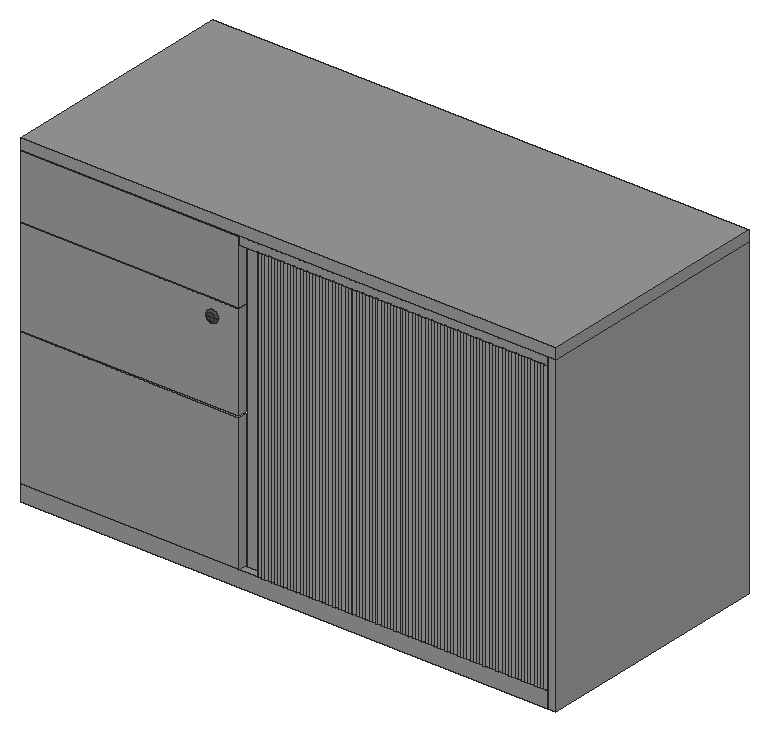
Revit family "Haworth_MSeries_Storage_Caddy_AP_PRELIMINARY", category Furniture Systems, Revit 2019
Family settings
  Round Connector Dimension = Use Diameter
  Part Type = Normal
  OmniClass Number = 23.40.70.14.64.21
  OmniClass Title = Systems Furniture
  Work Plane-Based = No
  Always vertical = Yes
  Cut with Voids When Loaded = No
  Shared = No
  Room Calculation Point = No
Parameters (values of type "P/B/F 654h tambour")
  Width = 1000 mm
  Warranty = "http://www.haworth.com/resources/product-info/warranties"
  URL - Product = "https://www.haworth.com/ap/en/products/office-drawers/m-series.html"
  Two Drawer = Actual Height > 1200 mm  # no
  Top Drawer Height = if(Box File, 118 mm, 0 mm)  # 118 mm
  Tambour with Pencil Box File = yes
  Tambour with Box File = no
  Tambour Width = Actual Width - 427 mm  # 573 mm
  Tambour Door Height = Actual Height - Bottom Case Offset - 20 mm - 15 mm - 45 mm  # 544 mm
  Tambour Door Finish [instance] = Haworth _ Laminate _ Undecided _ Storage
  Tambour Door = yes
  Pencil Box File = not(Box File)  # no
  Pencil = yes
  Open with Pencil Box File = no
  Open with Box File = no
  Open Shelf = not(Tambour Door)  # no
  One Drawer = not(Two Drawer)  # yes
  Trim Finish = Haworth _ Polymer _ Black
  Total Drawer Height = Actual Height - Bottom Case Offset - 20 mm  # 604 mm
  Model = "STMSCMXX"  # constant formula
  Min. Width = 900 mm  # constant formula
  Middle Drawer Height = if(Box File, 180 mm, 200 mm)  # 180 mm
  Max. Width = 1000 mm  # constant formula
  Lock Offset Top = 30 mm  # constant formula
  Lock Offset Side = 50 mm  # constant formula
  Lock Finish = Haworth _ Polymer _ Black
  Front Finish [instance] = Haworth _ Laminate _ Undecided _ Storage
  File = yes
  Drawer Width = Actual Width - Tambour Width - 18 mm  # 409 mm
  Distance Between Drawer = 2 mm  # constant formula
  Description = "Haworth - M Series - Storage - Caddy"  # constant formula
  URL = "https://www.haworth.com/ap/en.html"
  Size = "Verify Final Dim. w/ Haworth"  # constant formula
  Revision Number = "1"  # constant formula
  Manufacturer = "Haworth"  # constant formula
  Caster Finish = Haworth _ Polymer _ Black
  Case Thickness = 20 mm  # constant formula
  Cabinet Finish [instance] = Haworth _ Laminate _ Undecided _ Storage
  Box File = yes
  Box = yes
  Bottom Drawer Height = 255 mm  # constant formula
  Bottom Case Offset = 30 mm  # constant formula
  Author = "Haworth (Abd Rahman)"  # constant formula
  Assembly Code = "E2020200"
  Actual Width = if(Width > Max. Width, Max. Width, if(Width < Min. Width, Min. Width, Width))  # 1000 mm
  Actual Height = if(Open with Box File, 534 mm, if(Open with Pencil Box File, 654 mm, if(Tambour with Box File, 534 mm, 654 mm)))  # 654 mm
  Actual Depth = 450 mm  # constant formula
Reference planes
  plane 1 "Center F/B": y = -185.38
  plane 2: z = 45
  plane 3 "Top": z = 654
  plane 4: x = -49.672
  plane 5: z = 634
  plane 6: x = -458.672
  plane 7: y = 39.62
  plane 8: y = -410.38
  plane 9 "Right": x = 541.328
  plane 10: z = 75
  plane 11: y = -395.38
  plane 12: x = -443.672
  plane 13: y = 29.62
  plane 14: x = 526.328
  plane 15: y = -410.38
  plane 16: z = 332
  plane 17: z = 514
  plane 18: z = 512
  plane 19: z = 330
  plane 20: x = 526.328
  plane 21: z = 0
  plane 22: x = -71.672
Forms (mm)
  Extrusion 1, solid, material "Haworth _ Laminate _ Undecided _ Storage" <- "Cabinet Finish"
    sketch origin (0, 0, 0) x (1, 0, 0) y (0, 1, 0)
      loop
        line (-458.672, 39.62) -> (-458.672, -410.38) -> (541.328, -410.38) -> (541.328, 39.62) -> (-458.672, 39.62)
    from 634 to 654
  Extrusion 2, solid, material "Haworth _ Laminate _ Undecided _ Storage" <- "Cabinet Finish"
    sketch origin (0, 0, 0) x (1, 0, 0) y (0, 1, 0)
      loop
        line (-458.672, 39.62) -> (-458.672, -395.38) -> (-443.672, -395.38) -> (-443.672, 29.62) -> (526.328, 29.62) -> (526.328, -410.38) -> (541.328, -410.38) -> (541.328, 39.62) -> (-458.672, 39.62)
    from 45 to 634
  Extrusion 3, solid, material "Haworth _ Laminate _ Undecided _ Storage" <- "Cabinet Finish"
    sketch origin (0, 0, 0) x (1, 0, 0) y (0, 1, 0)
      loop
        line (-458.672, -395.38) -> (-458.672, -410.38) -> (526.328, -410.38) -> (526.328, -395.38) -> (-458.672, -395.38)
    from 45 to 75
  Extrusion 4, solid, material "Haworth _ Laminate _ Undecided _ Storage" <- "Cabinet Finish"
    sketch origin (0, -185.38, 0) x (1, 0, 0) y (0, 0, 1)
      loop
        line (-49.672, 634) -> (-49.672, 619) -> (526.328, 619) -> (526.328, 634) -> (-49.672, 634)
    from 210 to 225
  Extrusion 5, solid, material "Haworth _ Laminate _ Undecided _ Storage" <- "Front Finish", visible <- "Open Shelf"
    sketch origin (0, -185.38, 0) x (1, 0, 0) y (0, 0, 1)
      loop
        line (-49.672, 316.81) -> (-49.672, 296.81) -> (526.328, 296.81) -> (526.328, 316.81) -> (-49.672, 316.81)
    from -215 to 210
  Extrusion 6, solid, material "Haworth _ Laminate _ Undecided _ Storage" <- "Cabinet Finish", visible <- "Open Shelf"
    sketch origin (0, 0, 0) x (1, 0, 0) y (0, 1, 0)
      loop
        line (-71.672, 29.62) -> (-71.672, -395.38) -> (-46.672, -395.38) -> (-46.672, 29.62) -> (-71.672, 29.62)
    from 75 to 634
  Extrusion 7, solid, material "Haworth _ Laminate _ Undecided _ Storage" <- "Cabinet Finish", visible <- "Open Shelf"
    sketch origin (0, 0, 0) x (1, 0, 0) y (0, 1, 0)
      loop
        line (-443.672, 29.62) -> (-443.672, -395.38) -> (526.328, -395.38) -> (526.328, 29.62) -> (-443.672, 29.62)
    from 45 to 75
Lines and regions (mm)
  Masking region 1
    outline origin (0, 0, 0) x (1, 0, 0) y (0, 1, 0)
      loop
        line (-458.672, 39.62) -> (-458.672, -410.38) -> (541.328, -410.38) -> (541.328, 39.62) -> (-458.672, 39.62)
Dimensions and locks
  equal spacing: plane 7, plane 1 "Center F/B", plane 8
  "Actual Depth": plane 7 to plane 8
  "Actual Width": plane 6 to plane 9 "Right"
  "Case Thickness": plane 3 "Top" to plane 5
  "Actual Height": plane 3 "Top" to level
  locked: plane 8 to plane 11 at 15
  locked: plane 6 to plane 12 at 15
  locked: plane 14 to plane 9 "Right" at 15
  locked: plane 7 to plane 13 at 10
  plane 11 to plane 15 = 15 mm
  locked: plane 20 to plane 9 "Right" at 15
  "Bottom Drawer Height": plane 19 to plane 10
  locked: plane 16 to plane 19 at 2
  "Middle Drawer Height": plane 18 to plane 16
  locked: plane 17 to plane 18 at 2
  plane 5 to plane 17 = 120 mm
  "Drawer Width": plane 6 to plane 4
  locked: Extrusion 1 to Extrusion 4 sketch curve at 15
  Extrusion 5 sketch curve to Extrusion 5 sketch curve to plane 10 = 20 mm locked, 221.81 mm locked
  Extrusion 6 sketch curve to Extrusion 5 = 22 mm
  locked: plane 6 to nested 5 at 72
  locked: plane 11 to nested 5 at 70
  locked: plane 6 to nested 6 at 72
  locked: nested 6 to plane 7 at 85
  locked: nested 7 to plane 9 "Right" at 88
  locked: nested 8 to plane 9 "Right" at 88
  locked: plane 7 to nested 8 at 85
  locked: nested 7 to plane 11 at 70
  "Bottom Case Offset": plane 10 to plane 2
  locked: plane 2 to plane 21 at 45
  locked: plane 22 to plane 4 at 22
  aligned and locked: plane 6 to Extrusion 1 sketch curve
  aligned and locked: plane 9 "Right" to Extrusion 1 sketch curve
  aligned and locked: Extrusion 1 sketch curve to plane 7
  aligned and locked: plane 6 to Extrusion 2 sketch curve
  aligned and locked: Extrusion 2 sketch curve to plane 7
  aligned and locked: plane 9 "Right" to Extrusion 2 sketch curve
  aligned and locked: plane 14 to Extrusion 2 sketch curve
  aligned and locked: plane 13 to Extrusion 2 sketch curve
  aligned and locked: Extrusion 2 sketch curve to plane 12
  aligned and locked: plane 5 to Extrusion 2
  aligned and locked: plane 11 to Extrusion 3 sketch curve
  aligned and locked: plane 8 to Extrusion 3 sketch curve
  aligned and locked: plane 10 to Extrusion 3
  aligned and locked: Extrusion 1 to plane 8
  aligned and locked: plane 8 to nested 1
  aligned and locked: plane 8 to plane 15
  aligned and locked: plane 15 to Extrusion 2 sketch curve
  aligned and locked: Extrusion 1 to plane 5
  aligned and locked: plane 3 "Top" to Extrusion 1
  aligned and locked: Extrusion 3 to Extrusion 2
  aligned and locked: plane 8 to nested 3
  aligned and locked: plane 11 to Extrusion 2 sketch curve
  aligned and locked: plane 10 to nested 3
  aligned and locked: Extrusion 3 to plane 6
  aligned and locked: nested 2 to plane 16
  aligned and locked: plane 8 to nested 2
  aligned and locked: nested 4 to plane 17
  aligned and locked: plane 8 to nested 4
  aligned and locked: plane 6 to nested 4
  aligned and locked: plane 6 to nested 2
  aligned and locked: plane 6 to nested 3
  aligned and locked: Extrusion 4 sketch curve to plane 4
  aligned and locked: Extrusion 4 sketch curve to plane 20
  aligned and locked: plane 10 to nested 1
  aligned and locked: Extrusion 4 to plane 8
  aligned and locked: Extrusion 4 to plane 11
  aligned and locked: plane 5 to Extrusion 4
  aligned and locked: plane 11 to Extrusion 5
  aligned and locked: Extrusion 5 to Extrusion 2
  aligned and locked: plane 20 to Extrusion 5
  aligned and locked: Extrusion 2 to Extrusion 6 sketch curve
  aligned and locked: Extrusion 6 sketch curve to nested 1
  aligned and locked: Extrusion 4 to Extrusion 6 sketch curve
  aligned and locked: Extrusion 7 sketch curve to plane 20
  aligned and locked: Extrusion 7 sketch curve to plane 11
  aligned and locked: Extrusion 7 sketch curve to Extrusion 2  (x2)
  aligned and locked: plane 10 to Extrusion 7
  aligned and locked: plane 2 to nested 5
  aligned and locked: nested 6 to plane 2
  aligned and locked: nested 7 to plane 2
  aligned and locked: plane 2 to nested 8
  aligned and locked: nested 1 to plane 20
  aligned and locked: Extrusion 3 to plane 2
  aligned and locked: Extrusion 7 to plane 2
  aligned and locked: Extrusion 2 to plane 2
  aligned and locked: level to plane 21
  aligned and locked: plane 22 to Extrusion 6
  aligned and locked: plane 4 to Extrusion 5
  aligned and locked: plane 5 to Extrusion 6
Automatic sketch dimensions
  Masking region 1 sketch curve to plane 6 = 0 mm
  Masking region 1 sketch curve to plane 9 "Right" = 0 mm
  Masking region 1 sketch curve to plane 7 = 0 mm
  plane 8 to Masking region 1 sketch curve = 0 mm
  Extrusion 1 sketch curve to plane 8 = 0 mm
  plane 9 "Right" to Extrusion 3 sketch curve = 15 mm
  plane 6 to Extrusion 3 sketch curve = 0 mm
  Extrusion 4 sketch curve to plane 5 = 0 mm
  plane 4 to Extrusion 5 sketch curve = 0 mm
  plane 9 "Right" to Extrusion 5 sketch curve = 15 mm
Nested families
  nested 1: "Haworth_MSeries_Door_Tambour-PART" at (239.828, -381.497, 75), visible <- "Tambour Door", type "Haworth_Drawer"
    with With Lock no, Drawer Width 573 mm, Drawer Height 544 mm
  nested 2: "Haworth_MSeries_Drawer_PART" at (-254.172, -381.497, 332), Drawer Height <- "Middle Drawer Height", visible <- "File", type "Haworth_Drawer - w key"
    with Pull Height 262.731 mm, Drawer Height 180 mm, With Lock yes, Pull Linear Height 262.731 mm, Lock Offset Top 30 mm, Lock Offset Side 50 mm, Linear Pull no, Ellipse Pull no, Drawer Width 409 mm
  nested 3: "Haworth_MSeries_Drawer_PART" at (-254.172, -381.497, 75), Drawer Height <- "Bottom Drawer Height", visible <- "Box", type "Haworth_Drawer"
    with Pull Height 262.731 mm, Drawer Height 255 mm, With Lock no, Linear Pull no, Ellipse Pull no, Drawer Width 409 mm
  nested 4: "Haworth_MSeries_Drawer_PART" at (-254.172, -381.497, 514), Drawer Height <- "Top Drawer Height", visible <- "Pencil", type "Haworth_Drawer"
    with Pull Height 262.731 mm, Drawer Height 118 mm, With Lock no, Linear Pull no, Ellipse Pull no, Drawer Width 409 mm
  nested 5: "Haworth_BeHold_Casters_PART" at (-386.672, -354.483, 0.55), type "Casters"
  nested 6: "Haworth_BeHold_Casters_PART" at (-386.672, -16.277, 0.55), type "Casters"
  nested 7: "Haworth_BeHold_Casters_PART" at (453.328, -354.483, 0.55) x (-1, 0, 0) z (0, 0, 1), type "Casters"
  nested 8: "Haworth_BeHold_Casters_PART" at (453.328, -16.277, 0.55) x (-1, 0, 0) z (0, 0, 1), type "Casters"
Definition of nested family "Haworth_MSeries_Door_Tambour-PART"
  Parameters (values of type "Haworth_Drawer - Without Lock")
    With Lock [instance] = yes
    Warranty = "http://www.haworth.com/resources/product-info/warranties"
    URL - Product = ""
    URL = "www.haworth.com"
    Trim Finish = none
    Revision Number = "1"  # constant formula
    Pull Finish = none
    Note = "Verify Final Dim. w/ Haworth"  # constant formula
    Model = "Haworth Be_Hold"  # constant formula
    Manufacturer = "Haworth"  # constant formula
    Lock Offset Top = 150 mm
    Lock Offset Side = 15 mm  # constant formula
    Front Recess = no
    Front Finish = none
    Front Edge Finish = none
    Drawer Width = 900 mm
    Drawer Height = 500 mm
    Description = "Haworth - Be_Hold - Drawer"
    Author = "Haworth (Alias)"  # constant formula
    Assembly Code = ""
  Types (2, lengths in mm): name | Lock Offset Top | Drawer Height
    Haworth_Drawer | 30 | 304.8
    Haworth_Drawer - Without Lock | 150 | 500
  Reference planes
    plane 1 "Drawer Back": y = -6.658
    plane 2: z = 0
    plane 3 "Center L/R": x = 0
    plane 4 "Drawer Front": y = -28.883
    plane 5 "Left": x = -450
    plane 6 "Right": x = 450
    plane 7 "Top": z = 500
    plane 8 "Hardware Start": y = -9.833
    plane 9 "Lock Horizontal": z = 350
    plane 10 "2": z = 372.225
    plane 11: y = -17.771
    plane 12 "3": x = -435
  Forms (mm)
    Revolve 1, solid, material <- "Trim Finish", visible <- "With Lock"
      sketch origin (0, -0.625, 350) x (1, 0, 0) y (0, -1, 0)
        loop
          line (-435, 13.018) -> (-435, 20.159) -> (-438.973, 20.159)
          arc (-438.973, 20.159) -> (-444.022, 18.067) -> (-446.113, 13.018) r 7.14
          line (-446.113, 13.018) -> (-435, 13.018)
        axis (-435, 13.018) -> (-435, 20.159)
      angle from 0 to 360
  Lines and regions (mm)
    Masking region 1
      outline origin (0, 0, 350) x (-1, 0, 0) y (0, -1, 0)
        loop
          line (450, 9.833) -> (450, 28.883) -> (-450, 28.883) -> (-450, 9.833) -> (450, 9.833)
  Dimensions and locks
    equal spacing: plane 5 "Left", plane 3 "Center L/R", plane 6 "Right"
    "Drawer Width": plane 5 "Left" to plane 6 "Right"
    "Drawer Height": plane 7 "Top" to level
    locked: plane 1 "Drawer Back" to plane 8 "Hardware Start" at 3.175
    plane 4 "Drawer Front" to plane 1 "Drawer Back" = 22.225 mm
    plane 4 "Drawer Front" to plane 8 "Hardware Start" = 19.05 mm
    "Lock Offset Top": plane 7 "Top" to plane 9 "Lock Horizontal"
    locked: plane 10 "2" to plane 9 "Lock Horizontal" at 22.225
    equal spacing: plane 4 "Drawer Front", plane 11, plane 1 "Drawer Back"
    "Lock Offset Side": plane 12 "3" to plane 5 "Left"
    aligned and locked: plane 6 "Right" to Masking region 1 sketch curve
    aligned and locked: Masking region 1 sketch curve to plane 8 "Hardware Start"
    aligned and locked: plane 4 "Drawer Front" to Masking region 1 sketch curve
    aligned and locked: plane 5 "Left" to Masking region 1 sketch curve
    aligned and locked: nested 1 to plane 7 "Top"
    aligned and locked: plane 3 "Center L/R" to nested 1
    aligned and locked: plane 4 "Drawer Front" to nested 1
  Automatic sketch dimensions
    Revolve 1 sketch curve to plane 4 "Drawer Front" = 15.24 mm
    Revolve 1 sketch curve to plane 12 "3" = 0 mm  (x2)
    Revolve 1 sketch curve to plane 4 "Drawer Front" = 8.1 mm
    Revolve 1 sketch curve to Revolve 1 sketch curve = 3.973 mm
    Revolve 1 sketch curve to plane 11 = 2.252 mm
    Revolve 1 sketch curve to Revolve 1 sketch curve = 22.44 mm
  Nested families
    nested 1: "Haworth_MSeries_Tambour-Door-Panel_Swing" at (29.977, -18.59, 0) x (-1, 0, 0) z (0, 0, 1), type "Door"
  Definition of nested family "Haworth_MSeries_Tambour-Door-Panel_Swing"
    Parameters (values of type "Door")
      with Lock [instance] = yes
      URL = "www.haworth.com"
      Revision Number = "1"  # constant formula
      Revision Date = ""
      Pull Offset = 38.1 mm
      Lock Offset Top = 42.07 mm  # constant formula
      Lock Offset Side = 34.925 mm  # constant formula
      Linear Pull = no
      Finger Pull Location = if(Finger Pull, Door Height + 6.35 mm, 3.81 mm)  # 506.35 mm
      Finger Pull = yes
      Door Pull Location = 25.4 mm
      Door Pull Length = 203.2 mm
      Door Pull Finish = none
      Bar Pull = no
      Classic Pull = no
      Assembly Code = ""
      Pull Offset Centerline = 76.2 mm
      Pull Height Centerline = 152.4 mm
      Door Width = 900 mm
      Door Height = 500 mm
      Door Finish = none
      Door Depth = 19.05 mm
      Manufacturer = "Haworth"  # constant formula
      Author = "SHAPE Environments, LLC"  # constant formula
    Reference planes
      plane 1 "Center F/B": y = -0.768
      plane 2: z = 0
      plane 3 "Center L/R": x = 29.977
      plane 4 "Left": x = -420.023
      plane 5 "Right": x = 479.977
      plane 6 "Back": y = 8.757
      plane 7 "Front": y = -10.293
      plane 8 "Top": z = 500
      plane 9 "Pull Offset": x = 403.777
      plane 10 "Pull Height": z = 152.4
      plane 11 "Finger Pull Top": z = 500
      plane 12 "Finger Pull Bottom": z = -6.35
      plane 13: z = 457.93
      plane 14 "Lock": x = -385.098
    Forms (mm)
      Extrusion 1, solid, material <- "Door Finish"
        sketch origin (0, -0.768, 0) x (1, 0, 0) y (0, 0, 1)
          loop
            line (-420.023, 500) -> (-420.023, 0) -> (479.977, 0) -> (479.977, 500) -> (-420.023, 500)
        from -9.525 to 9.525
      Extrusion 2, void
        sketch origin (59.954, 0, 0) x (-1, 0, 0) y (0, -1, 0)
          loop
            line (-420.023, 10.293) -> (-420.023, -4.947) -> (-394.623, -4.947)
            arc (-394.623, -4.947) -> (-385.612, 4.064) -> (-394.623, 13.075) r 9.011
            line (-394.623, 13.075) -> (-404.767, 13.075)
            arc (-404.767, 13.075) -> (-403.376, 11.684) -> (-404.767, 10.293) r 1.391
            line (-404.767, 10.293) -> (-420.023, 10.293)
        from -6.35 to 500
      Extrusion 3, void
        sketch origin (0, 0, 0) x (1, 0, 0) y (0, 1, 0)
          loop
            line (-301.193, -7.092) -> (-304.394, -10.293) -> (-297.992, -10.293) -> (-301.193, -7.092)
          loop
            line (-289.189, -7.092) -> (-292.39, -10.293) -> (-285.988, -10.293) -> (-289.189, -7.092)
          loop
            line (-277.189, -7.092) -> (-280.39, -10.293) -> (-273.988, -10.293) -> (-277.189, -7.092)
          loop
            line (-265.19, -7.092) -> (-268.391, -10.293) -> (-261.989, -10.293) -> (-265.19, -7.092)
          loop
            line (-253.186, -7.092) -> (-256.387, -10.293) -> (-249.985, -10.293) -> (-253.186, -7.092)
          loop
            line (-241.187, -7.092) -> (-244.388, -10.293) -> (-237.986, -10.293) -> (-241.187, -7.092)
          loop
            line (-229.192, -7.092) -> (-232.393, -10.293) -> (-225.991, -10.293) -> (-229.192, -7.092)
          loop
            line (-217.188, -7.092) -> (-220.389, -10.293) -> (-213.987, -10.293) -> (-217.188, -7.092)
          loop
            line (-205.189, -7.092) -> (-208.39, -10.293) -> (-201.988, -10.293) -> (-205.189, -7.092)
          loop
            line (-193.19, -7.092) -> (-196.391, -10.293) -> (-189.989, -10.293) -> (-193.19, -7.092)
          loop
            line (-181.186, -7.092) -> (-184.387, -10.293) -> (-177.985, -10.293) -> (-181.186, -7.092)
          loop
            line (-169.187, -7.092) -> (-172.388, -10.293) -> (-165.986, -10.293) -> (-169.187, -7.092)
          loop
            line (-157.187, -7.092) -> (-160.388, -10.293) -> (-153.986, -10.293) -> (-157.187, -7.092)
          loop
            line (-145.184, -7.092) -> (-148.384, -10.293) -> (-141.983, -10.293) -> (-145.184, -7.092)
          loop
            line (-133.184, -7.092) -> (-136.385, -10.293) -> (-129.983, -10.293) -> (-133.184, -7.092)
          loop
            line (-121.19, -7.092) -> (-124.391, -10.293) -> (-117.989, -10.293) -> (-121.19, -7.092)
          loop
            line (-109.186, -7.092) -> (-112.387, -10.293) -> (-105.985, -10.293) -> (-109.186, -7.092)
          loop
            line (-97.186, -7.092) -> (-100.387, -10.293) -> (-93.985, -10.293) -> (-97.186, -7.092)
          loop
            line (-85.192, -7.092) -> (-88.393, -10.293) -> (-81.991, -10.293) -> (-85.192, -7.092)
          loop
            line (-73.188, -7.092) -> (-76.389, -10.293) -> (-69.987, -10.293) -> (-73.188, -7.092)
          loop
            line (-61.189, -7.092) -> (-64.39, -10.293) -> (-57.988, -10.293) -> (-61.189, -7.092)
          loop
            line (-49.189, -7.092) -> (-52.39, -10.293) -> (-45.988, -10.293) -> (-49.189, -7.092)
          loop
            line (-37.185, -7.092) -> (-40.386, -10.293) -> (-33.984, -10.293) -> (-37.185, -7.092)
          loop
            line (-25.186, -7.092) -> (-28.387, -10.293) -> (-21.985, -10.293) -> (-25.186, -7.092)
          loop
            line (-13.192, -7.092) -> (-16.393, -10.293) -> (-9.991, -10.293) -> (-13.192, -7.092)
          loop
            line (-1.188, -7.092) -> (-4.389, -10.293) -> (2.013, -10.293) -> (-1.188, -7.092)
          loop
            line (10.812, -7.092) -> (7.611, -10.293) -> (14.013, -10.293) -> (10.812, -7.092)
          loop
            line (412.368, -7.092) -> (409.168, -10.293) -> (415.569, -10.293) -> (412.368, -7.092)
          loop
            line (400.369, -7.092) -> (397.168, -10.293) -> (403.57, -10.293) -> (400.369, -7.092)
          loop
            line (388.37, -7.092) -> (385.169, -10.293) -> (391.571, -10.293) -> (388.37, -7.092)
          loop
            line (376.366, -7.092) -> (373.165, -10.293) -> (379.567, -10.293) -> (376.366, -7.092)
          loop
            line (364.367, -7.092) -> (361.166, -10.293) -> (367.568, -10.293) -> (364.367, -7.092)
          loop
            line (352.372, -7.092) -> (349.171, -10.293) -> (355.573, -10.293) -> (352.372, -7.092)
          loop
            line (340.368, -7.092) -> (337.167, -10.293) -> (343.569, -10.293) -> (340.368, -7.092)
          loop
            line (328.369, -7.092) -> (325.168, -10.293) -> (331.57, -10.293) -> (328.369, -7.092)
          loop
            line (316.37, -7.092) -> (313.169, -10.293) -> (319.571, -10.293) -> (316.37, -7.092)
          loop
            line (304.366, -7.092) -> (301.165, -10.293) -> (307.567, -10.293) -> (304.366, -7.092)
          loop
            line (292.367, -7.092) -> (289.166, -10.293) -> (295.567, -10.293) -> (292.367, -7.092)
          loop
            line (280.367, -7.092) -> (277.166, -10.293) -> (283.568, -10.293) -> (280.367, -7.092)
          loop
            line (268.363, -7.092) -> (265.162, -10.293) -> (271.564, -10.293) -> (268.363, -7.092)
          loop
            line (256.364, -7.092) -> (253.163, -10.293) -> (259.565, -10.293) -> (256.364, -7.092)
          loop
            line (244.369, -7.092) -> (241.168, -10.293) -> (247.57, -10.293) -> (244.369, -7.092)
          loop
            line (232.366, -7.092) -> (229.165, -10.293) -> (235.566, -10.293) -> (232.366, -7.092)
          loop
            line (220.366, -7.092) -> (217.165, -10.293) -> (223.567, -10.293) -> (220.366, -7.092)
          loop
            line (208.372, -7.092) -> (205.171, -10.293) -> (211.573, -10.293) -> (208.372, -7.092)
          loop
            line (196.368, -7.092) -> (193.167, -10.293) -> (199.569, -10.293) -> (196.368, -7.092)
          loop
            line (184.368, -7.092) -> (181.167, -10.293) -> (187.569, -10.293) -> (184.368, -7.092)
          loop
            line (172.369, -7.092) -> (169.168, -10.293) -> (175.57, -10.293) -> (172.369, -7.092)
          loop
            line (160.365, -7.092) -> (157.164, -10.293) -> (163.566, -10.293) -> (160.365, -7.092)
          loop
            line (148.366, -7.092) -> (145.165, -10.293) -> (151.567, -10.293) -> (148.366, -7.092)
          loop
            line (136.371, -7.092) -> (133.17, -10.293) -> (139.572, -10.293) -> (136.371, -7.092)
          loop
            line (124.367, -7.092) -> (121.167, -10.293) -> (127.568, -10.293) -> (124.367, -7.092)
          loop
            line (112.368, -7.092) -> (109.167, -10.293) -> (115.569, -10.293) -> (112.368, -7.092)
          loop
            line (21.064, -7.092) -> (17.863, -10.293) -> (24.265, -10.293) -> (21.064, -7.092)
          loop
            line (33.058, -7.092) -> (29.857, -10.293) -> (36.259, -10.293) -> (33.058, -7.092)
          loop
            line (45.062, -7.092) -> (41.861, -10.293) -> (48.263, -10.293) -> (45.062, -7.092)
          loop
            line (57.062, -7.092) -> (53.861, -10.293) -> (60.263, -10.293) -> (57.062, -7.092)
          loop
            line (103.366, -7.092) -> (100.165, -10.293) -> (106.567, -10.293) -> (103.366, -7.092)
          loop
            line (91.371, -7.092) -> (88.17, -10.293) -> (94.572, -10.293) -> (91.371, -7.092)
          loop
            line (79.367, -7.092) -> (76.167, -10.293) -> (82.568, -10.293) -> (79.367, -7.092)
          loop
            line (67.368, -7.092) -> (64.167, -10.293) -> (70.569, -10.293) -> (67.368, -7.092)
          loop
            line (-409.195, -7.092) -> (-412.396, -10.293) -> (-405.994, -10.293) -> (-409.195, -7.092)
          loop
            line (-397.196, -7.092) -> (-400.397, -10.293) -> (-393.995, -10.293) -> (-397.196, -7.092)
          loop
            line (-385.201, -7.092) -> (-388.402, -10.293) -> (-382, -10.293) -> (-385.201, -7.092)
          loop
            line (-373.198, -7.092) -> (-376.398, -10.293) -> (-369.997, -10.293) -> (-373.198, -7.092)
          loop
            line (-361.198, -7.092) -> (-364.399, -10.293) -> (-357.997, -10.293) -> (-361.198, -7.092)
          loop
            line (-349.199, -7.092) -> (-352.4, -10.293) -> (-345.998, -10.293) -> (-349.199, -7.092)
          loop
            line (-337.195, -7.092) -> (-340.396, -10.293) -> (-333.994, -10.293) -> (-337.195, -7.092)
          loop
            line (-325.196, -7.092) -> (-328.397, -10.293) -> (-321.995, -10.293) -> (-325.196, -7.092)
          loop
            line (-313.197, -7.092) -> (-316.397, -10.293) -> (-309.996, -10.293) -> (-313.197, -7.092)
          loop
            line (436.372, -7.092) -> (433.171, -10.293) -> (439.573, -10.293) -> (436.372, -7.092)
          loop
            line (424.372, -7.092) -> (421.171, -10.293) -> (427.573, -10.293) -> (424.372, -7.092)
        from -595.764 to 2817.422
    Cuts and joins
      Extrusion 2, Extrusion 3 cuts Extrusion 1
    Lines and regions (mm)
      Masking region 1
        outline origin (0, 0, 0) x (1, 0, 0) y (0, 1, 0)
          loop
            line (-420.023, 8.757) -> (-420.023, -10.293) -> (479.977, -10.293) -> (479.977, 8.757) -> (-420.023, 8.757)
      model lines
        curve 1: line (403.777, -10.293, 0) -> (414.89, -10.293, 0)
    Dimensions and locks
      "Door Height": plane 8 "Top" to level
      equal spacing: plane 6 "Back", plane 1 "Center F/B", plane 7 "Front"
      "Door Depth": plane 6 "Back" to plane 7 "Front"
      equal spacing: plane 4 "Left", plane 3 "Center L/R", plane 5 "Right"
      "Door Width": plane 4 "Left" to plane 5 "Right"
      "Pull Height Centerline": plane 10 "Pull Height" to level
      "Finger Pull Location": plane 11 "Finger Pull Top" to plane 12 "Finger Pull Bottom"
      locked: plane 2 to plane 12 "Finger Pull Bottom" at 6.35
      "Pull Offset Centerline": plane 5 "Right" to plane 9 "Pull Offset"
      "Lock Offset Side": plane 4 "Left" to plane 14 "Lock"
      "Lock Offset Top": plane 11 "Finger Pull Top" to plane 13
      aligned and locked: plane 4 "Left" to Extrusion 1 sketch curve
      aligned and locked: Extrusion 1 sketch curve to plane 5 "Right"
      aligned and locked: Extrusion 1 sketch curve to plane 8 "Top"
      aligned and locked: level to Extrusion 1 sketch curve
      aligned and locked: plane 6 "Back" to Extrusion 1
      aligned and locked: Extrusion 1 to plane 7 "Front"
      aligned and locked: plane 9 "Pull Offset" to nested 1
      aligned and locked: plane 10 "Pull Height" to nested 1
      aligned: nested 1 to plane 7 "Front"
      aligned and locked: Extrusion 1 to plane 4 "Left"
      aligned and locked: Extrusion 2 to plane 12 "Finger Pull Bottom"
      aligned and locked: plane 11 "Finger Pull Top" to Extrusion 2
      aligned and locked: nested 1 to plane 7 "Front"
    Automatic sketch dimensions
      curve 1 to plane 7 "Front" = 0 mm
      curve 1 to plane 9 "Pull Offset" = 0 mm
      curve 1 to curve 1 = 11.113 mm
      Masking region 1 sketch curve to plane 4 "Left" = 0 mm
      Masking region 1 sketch curve to plane 5 "Right" = 0 mm
      Masking region 1 sketch curve to plane 7 "Front" = 0 mm
      Masking region 1 sketch curve to plane 6 "Back" = 0 mm
      Extrusion 2 sketch curve to plane 5 "Right" = 0 mm
      Extrusion 2 sketch curve to plane 7 "Front" = 0 mm
      plane 7 "Front" to Extrusion 2 sketch curve = 2.782 mm
      plane 5 "Right" to Extrusion 2 sketch curve = 15.256 mm
      plane 6 "Back" to Extrusion 2 sketch curve = 3.81 mm
      Extrusion 2 sketch curve to Extrusion 2 sketch curve = 10.144 mm
      Extrusion 3 sketch curve to plane 7 "Front" = 0 mm  (x72)
      plane 4 "Left" to Extrusion 3 sketch curve = 7.627 mm
      Extrusion 3 sketch curve to Extrusion 3 sketch curve = 3.201 mm  (x77)
      Extrusion 3 sketch curve to Extrusion 3 sketch curve = 5.597 mm  (x33)
      plane 14 "Lock" to Extrusion 3 sketch curve = 3.305 mm
      plane 14 "Lock" to Extrusion 3 sketch curve = 0.104 mm
      Extrusion 3 sketch curve to plane 14 "Lock" = 3.097 mm
      Extrusion 3 sketch curve to Extrusion 3 sketch curve = 5.602 mm  (x23)
      plane 7 "Front" to Extrusion 3 sketch curve = 3.201 mm  (x62)
      Extrusion 3 sketch curve to Extrusion 3 sketch curve = 5.593 mm  (x9)
      Extrusion 3 sketch curve to Extrusion 3 sketch curve = 3.85 mm
      Extrusion 3 sketch curve to plane 3 "Center L/R" = 0.12 mm
      plane 3 "Center L/R" to Extrusion 3 sketch curve = 3.081 mm
      Extrusion 3 sketch curve to Extrusion 3 sketch curve = 3.905 mm
      Extrusion 3 sketch curve to Extrusion 3 sketch curve = 2.6 mm
      Extrusion 3 sketch curve to plane 9 "Pull Offset" = 3.408 mm
      Extrusion 3 sketch curve to plane 9 "Pull Offset" = 0.207 mm
      plane 9 "Pull Offset" to Extrusion 3 sketch curve = 5.39 mm
    Nested families
      nested 1: "Haworth_Door-Pulls" at (436.369, -9.525, 152.4), type "Pull", detail levels medium+fine
Definition of nested family "Haworth_MSeries_Drawer_PART"
  Parameters (values of type "Haworth_Drawer - Without Lock")
    with Pull = yes
    With Lock = no
    Wing Pull Length = 211.138 mm
    Wing Pull = no
    Warranty = "http://www.haworth.com/resources/product-info/warranties"
    URL - Product = ""
    URL = "www.haworth.com"
    Trim Finish = none
    Side Recess = no
    Revision Number = "1"  # constant formula
    Pull Linear Height = 186.531 mm
    Pull Height [instance] = 262.731 mm
    Pull Finish = none
    Pull Ellipse Height = 262.731 mm
    Note = "Verify Final Dim. w/ Haworth"  # constant formula
    Model = "Haworth Be_Hold"  # constant formula
    Manufacturer = "Haworth"  # constant formula
    Lock Offset Top = 150 mm
    Lock Offset Side = 450 mm
    Linear Pull = yes
    Front Recess = no
    Front Finish = none
    Front Edge Finish = none
    Ellipse Pull = yes
    Drawer Width = 900 mm
    Drawer Height [instance] = 304.8 mm
    Description = "Haworth - Be_Hold - Drawer"
    Cresent Pull = no
    Classic Pull Length = 4.4 mm
    Classic Pull = no
    Blade Pull Length = 390.413 mm
    Blade Pull = no
    Linear Pull Length = 200 mm
    Author = "Haworth (Alias)"  # constant formula
    Assembly Code = ""
  Types (2, lengths in mm): name | With Lock | Pull Linear Height | Lock Offset Top
    Haworth_Drawer | yes | 262.731 | 30
    Haworth_Drawer - Without Lock | no | 186.531 | 150
  Reference planes
    plane 1 "Drawer Back": y = -10.708
    plane 2: z = 0
    plane 3 "Center L/R": x = 0
    plane 4 "Drawer Front": y = -28.883
    plane 5 "Left": x = -450
    plane 6 "Right": x = 450
    plane 7 "Top": z = 304.8
    plane 8 "Hardware Start": y = -13.883
    plane 9 "Lock Side": x = 0
    plane 10 "Lock Horizontal": z = 154.8
    plane 11 "2": z = 177.025
    plane 12: z = 186.531
    plane 13: z = 262.731
  Forms (mm)
    Extrusion 1, solid, material <- "Front Finish", visible <- "with Pull"
      sketch origin (0, -28.883, 0) x (-1, 0, 0) y (0, 0, 1)
        loop
          line (-450, 304.8) -> (-450, 0) -> (450, 0) -> (450, 304.8) -> (-450, 304.8)
      from 0 to 15
    Revolve 2, solid, material <- "Trim Finish", visible <- "With Lock"
      sketch origin (0, 0, 154.8) x (-1, 0, 0) y (0, -1, 0)
        loop
          line (0, 28.883) -> (0, 32.057) -> (-7.939, 32.057)
          arc (-7.939, 32.057) -> (-10.184, 31.128) -> (-11.113, 28.883) r 3.174
          line (-11.113, 28.883) -> (0, 28.883)
        axis (0, 28.883) -> (0, 32.057)
      angle from 0 to 360
  Lines and regions (mm)
    Masking region 1
      outline origin (0, 0, 154.8) x (-1, 0, 0) y (0, -1, 0)
        loop
          line (450, 13.883) -> (450, 28.883) -> (-450, 28.883) -> (-450, 13.883) -> (450, 13.883)
  Dimensions and locks
    equal spacing: plane 5 "Left", plane 3 "Center L/R", plane 6 "Right"
    "Drawer Width": plane 5 "Left" to plane 6 "Right"
    "Drawer Height": plane 7 "Top" to level
    locked: plane 1 "Drawer Back" to plane 8 "Hardware Start" at 3.175
    plane 4 "Drawer Front" to plane 1 "Drawer Back" = 18.175 mm
    plane 4 "Drawer Front" to plane 8 "Hardware Start" = 15 mm  (x2)
    "Lock Offset Side": plane 9 "Lock Side" to plane 6 "Right"
    "Lock Offset Top": plane 7 "Top" to plane 10 "Lock Horizontal"
    locked: Revolve 2 sketch curve to plane 4 "Drawer Front" at 3.174
    locked: plane 9 "Lock Side" to Revolve 2 sketch curve at 11.113
    locked: plane 11 "2" to plane 10 "Lock Horizontal" at 22.225
    "Pull Linear Height": plane 12 to level
    "Pull Ellipse Height": plane 13 to plane 2
    aligned and locked: Extrusion 1 sketch curve to plane 6 "Right"
    aligned and locked: Extrusion 1 sketch curve to plane 7 "Top"
    aligned and locked: Extrusion 1 sketch curve to plane 5 "Left"
    aligned and locked: Extrusion 1 sketch curve to plane 2
    aligned and locked: Extrusion 1 to plane 8 "Hardware Start"
    aligned and locked: Extrusion 1 to plane 4 "Drawer Front"
    aligned and locked: plane 9 "Lock Side" to Revolve 2 sketch curve  (x2)
    aligned and locked: Revolve 2 sketch curve to plane 4 "Drawer Front"
    aligned and locked: plane 3 "Center L/R" to nested 1
    aligned and locked: nested 1 to plane 4 "Drawer Front"
    aligned and locked: plane 6 "Right" to Masking region 1 sketch curve
    aligned and locked: Masking region 1 sketch curve to plane 8 "Hardware Start"
    aligned and locked: plane 4 "Drawer Front" to Masking region 1 sketch curve
    aligned and locked: plane 5 "Left" to Masking region 1 sketch curve
    aligned and locked: plane 7 "Top" to nested 2
    aligned and locked: plane 3 "Center L/R" to nested 2
    aligned and locked: nested 2 to plane 4 "Drawer Front"
    aligned and locked: nested 3 to plane 8 "Hardware Start"
    aligned and locked: nested 3 to plane 3 "Center L/R"
    aligned and locked: plane 12 to nested 1
    aligned and locked: plane 13 to nested 4
  Automatic sketch dimensions
    plane 8 "Hardware Start" to Revolve 2 sketch curve = 5.061 mm
    Revolve 2 sketch curve to Revolve 2 sketch curve = 10.541 mm
  Nested families
    nested 1: "Haworth_Drawer-Pulls_PART" at (0, -28.883, 186.531), built-in parameter 1001364 <- "Pull Height", visible <- "Linear Pull", type "Pull"
    nested 2: "Haworth_Door-Panel_Swing" at (29.977, -22.151, 0) x (-1, 0, 0) z (0, 0, 1), visible <- "Side Recess", type "Door"
      with with Lock yes, Finger Pull Location 3.81 mm, Finger Pull no, Door Width 900 mm, Door Depth 15 mm
    nested 3: "Haworth_Door-Panel_FrontRecess-Swing" at (29.977, -22.151, 0) x (-1, 0, 0) z (0, 0, 1), visible <- "Front Recess", type "Door"
      with with Lock yes, Finger Pull Location 3.81 mm, Finger Pull no, Door Width 900 mm, Door Depth 15 mm
    nested 4: "Haworth_Drawer-Pulls" at (0, -28.883, 258.689), visible <- "Ellipse Pull", type "Pull"
  Definition of nested family "Haworth_Drawer-Pulls_PART"
    Parameters (values of type "Pull")
      Wing Pull Length = 211.138 mm
      Wing = no
      Warranty = "https://www.haworth.com/resources/product-info/warranties"
      URL = "https://www.haworth.com"
      Trim Finish = none
      Revision Number = "1"  # constant formula
      Model = "Haworth Be_Hold"  # constant formula
      Manufacturer = "Haworth"  # constant formula
      Linear Pull Length = 200 mm
      Linear = yes
      Description = "Haworth - Be_Hold - Pull Part"
      Cresent = no
      Classic Pull Length = 4.4 mm
      Classic = no
      Blade Pull Length = 390.413 mm
      Blade = no
      Author = "Haworth (Alias)"  # constant formula
      Assembly Code = ""
    Reference planes
      plane 1 "Center Front/Back": y = 0
      plane 2: z = 0
      plane 3 "Center Left/Right": x = 0
      plane 4 "Classic Left": x = -2.2
      plane 5 "Classic Right": x = 2.2
      plane 6 "Linear Left": x = -100
      plane 7 "Linear Right": x = 100
      plane 8 "Wing Right": x = 105.569
      plane 9 "Wing Left": x = -105.569
      plane 10 "Blade Left": x = -195.206
      plane 11 "Blade Right": x = 195.206
    Forms (mm)
      Extrusion 1, solid, material <- "Trim Finish", visible <- "Linear"
        sketch origin (0, 0, 3.175) x (1, 0, 0) y (0, 1, 0)
          loop
            line (-100, 0) -> (-100, -28.873)
            arc (-100, -28.873) -> (-99.157, -30.907) -> (-97.123, -31.75) r 2.877
            line (-97.123, -31.75) -> (97.137, -31.75)
            arc (97.137, -31.75) -> (99.161, -30.911) -> (100, -28.887) r 2.863
            line (100, -28.887) -> (100, 0) -> (74.6, 0) -> (74.6, -0.794) -> (-74.6, -0.794) -> (-74.6, 0) -> (-100, 0)
        from 0 to -6.35
      Extrusion 2, solid, material <- "Trim Finish", visible <- "Classic"
        sketch origin (0, 0, 9.525) x (1, 0, 0) y (0, 0, 1)
          loop
            line (-2.2, 0) -> (-2.2, -19.05)
            arc (-2.2, -19.05) -> (7.325, -9.525) -> (-2.2, 0) r 9.525
        from 0 to 25.4
      Extrusion 3, solid, material <- "Trim Finish", visible <- "Classic"
        sketch origin (0, 0, 9.525) x (-1, 0, 0) y (0, 0, -1)
          loop
            arc (-2.2, 0.034) -> (7.291, 9.525) -> (-2.2, 19.016) r 9.491
            line (-2.2, 19.016) -> (-2.2, 0.034)
        from 0 to 25.4
      Extrusion 4, solid, material <- "Trim Finish", visible <- "Classic"
        sketch origin (0, 0, 9.525) x (1, 0, 0) y (0, 0, 1)
          loop
            line (-2.2, 0) -> (-2.2, -19.05) -> (2.2, -19.05) -> (2.2, 0) -> (-2.2, 0)
        from 25.4 to 31.75
      Sweep 5, solid, material <- "Trim Finish", visible <- "Cresent"
        path origin (0, 0, 0) x (1, 0, 0) y (0, 1, 0)
          loop
            arc (-93.651, 0) -> (-0.001, -30.795) -> (93.649, 0) r 157.795
        profile origin (-0.001, -30.795, 0) x (0, 1, 0) y (0, 0, 1)
          loop
            circle (3.175, 0) r 3.175
      Sweep 6, solid, material <- "Trim Finish", visible <- "Wing"
        path origin (0, 0, 0) x (1, 0, 0) y (0, 1, 0)
          loop
            line (105.569, 0) -> (-105.569, 0)
        profile origin (0, 0, 0) x (0, -1, 0) y (0, 0, 1)
          loop
            line (0, -1.397) -> (18.146, -11.536)
            arc (18.146, -11.536) -> (21.705, -10.354) -> (20.207, -6.915) r 2.54
            line (20.207, -6.915) -> (0, 0) -> (0, -1.397)
      Extrusion 7, void
        sketch origin (0, 0, 0) x (1, 0, 0) y (0, 1, 0)
          loop
            line (-105.569, 0) -> (-105.569, -23.548) -> (-96.997, -23.548) -> (-105.569, 0)
          loop
            line (105.569, 0) -> (96.997, -23.548) -> (105.569, -23.548) -> (105.569, 0)
        from -14.628 to 0
      Sweep 8, solid, material <- "Trim Finish", visible <- "Blade"
        path origin (0, 0, 0) x (1, 0, 0) y (0, 0, 1)
          loop
            line (0, 0) -> (0, 2.381)
        profile origin (0, 0, 1.191) x (-1, 0, 0) y (0, -1, 0)
          loop
            line (195.206, -19.05) -> (195.206, 10.307)
            arc (195.206, 10.307) -> (194.273, 12.56) -> (192.02, 13.494) r 3.187
            line (192.02, 13.494) -> (-192.028, 13.494)
            arc (-192.028, 13.494) -> (-194.275, 12.563) -> (-195.206, 10.315) r 3.178
            line (-195.206, 10.315) -> (-195.206, -19.05) -> (195.206, -19.05)
      Extrusion 9, void
        sketch origin (0, 0, 0) x (1, 0, 0) y (0, 1, 0)
          loop
            line (-97.42, 0) -> (-97.42, -26.789)
            arc (-97.42, -26.789) -> (-96.665, -28.613) -> (-94.841, -29.369) r 2.58
            line (-94.841, -29.369) -> (94.852, -29.369)
            arc (94.852, -29.369) -> (96.676, -28.613) -> (97.432, -26.789) r 2.58
            line (97.432, -26.789) -> (97.432, 0) -> (-97.42, 0)
        from 1.279 to 10.938
      Extrusion 10, void
        sketch origin (0, 0, 0) x (0, -1, 0) y (1, 0, 0)
          loop
            line (0, -97.42) -> (26.789, -97.42)
            arc (26.789, -97.42) -> (28.613, -96.665) -> (29.369, -94.841) r 2.58
            line (29.369, -94.841) -> (29.369, 94.852)
            arc (29.369, 94.852) -> (28.613, 96.676) -> (26.789, 97.432) r 2.58
            line (26.789, 97.432) -> (0, 97.432) -> (0, -97.42)
        from 0.932 to -20.785
    Cuts and joins
      Extrusion 9 cuts Extrusion 2
      Extrusion 9, Extrusion 10 cuts Extrusion 3
      Extrusion 7, Extrusion 9 cuts Extrusion 4
      joined: Extrusion 2, Extrusion 3, Extrusion 4
      Extrusion 7 cuts Sweep 6
      Extrusion 9, Extrusion 10 cuts Extrusion 1
      Extrusion 9, Extrusion 10 cuts Sweep 8
    Lines and regions (mm)
      symbolic lines, detail levels fine
        curve 1: line (-100, 0, 0) -> (100, 0, 0)
    Dimensions and locks
      equal spacing: plane 4 "Classic Left", plane 3 "Center Left/Right", plane 5 "Classic Right"
      "Classic Pull Length": plane 4 "Classic Left" to plane 5 "Classic Right"
      locked: Extrusion 1 sketch curve to Extrusion 1 sketch curve at 25.4  (x2)
      equal spacing: plane 6 "Linear Left", plane 3 "Center Left/Right", plane 7 "Linear Right"
      "Linear Pull Length": plane 6 "Linear Left" to plane 7 "Linear Right"
      locked: profile plane to Sweep 5 sketch curve at 3.175
      locked: plane 9 "Wing Left" to Extrusion 7 sketch curve at 8.571
      locked: Extrusion 7 sketch curve to plane 1 "Center Front/Back" at 23.548
      locked: plane 1 "Center Front/Back" to Extrusion 7 sketch curve at 23.548
      Extrusion 7 sketch curve to plane 8 "Wing Right" = 8.571 mm
      equal spacing: plane 11 "Blade Right", plane 3 "Center Left/Right", plane 10 "Blade Left"
      "Blade Pull Length": plane 11 "Blade Right" to plane 10 "Blade Left"
      locked: Sweep 8 sketch curve to plane 2 at 2.381
      locked: Sweep 8 sketch curve to plane 1 "Center Front/Back" at 19.05
      locked: Sweep 8 sketch curve to plane 1 "Center Front/Back" at 13.494
      equal spacing: plane 8 "Wing Right", plane 3 "Center Left/Right", plane 9 "Wing Left"
      "Wing Pull Length": plane 8 "Wing Right" to plane 9 "Wing Left"
      aligned and locked: plane 4 "Classic Left" to Extrusion 4 sketch curve
      aligned and locked: plane 5 "Classic Right" to Extrusion 4 sketch curve
      aligned and locked: plane 5 "Classic Right" to Extrusion 3 sketch curve
      aligned and locked: Extrusion 2 sketch curve to plane 4 "Classic Left"
      aligned and locked: Extrusion 1 sketch curve to plane 7 "Linear Right"
      aligned and locked: Extrusion 1 sketch curve to plane 6 "Linear Left"
      aligned and locked: plane 2 to Sweep 5 sketch curve
      aligned and locked: profile plane to plane 2
      aligned and locked: Sweep 6 sketch curve to plane 1 "Center Front/Back"
      aligned and locked: plane 8 "Wing Right" to Sweep 6 sketch curve
      aligned and locked: plane 9 "Wing Left" to Sweep 6 sketch curve
      aligned and locked: Extrusion 7 sketch curve to plane 9 "Wing Left"
      aligned and locked: Extrusion 7 sketch curve to plane 8 "Wing Right"
      aligned and locked: plane 2 to Sweep 8 sketch curve
      aligned and locked: Sweep 8 sketch curve to plane 10 "Blade Left"
      aligned and locked: Sweep 8 sketch curve to plane 11 "Blade Right"
      aligned and locked: plane 1 "Center Front/Back" to curve 1
      aligned and locked: plane 7 "Linear Right" to curve 1
      aligned and locked: plane 6 "Linear Left" to curve 1
    Automatic sketch dimensions
      plane 1 "Center Front/Back" to Extrusion 1 sketch curve = 0 mm  (x2)
      Extrusion 1 sketch curve to Extrusion 1 sketch curve = 2.877 mm
      Extrusion 1 sketch curve to plane 7 "Linear Right" = 2.863 mm
      Extrusion 1 sketch curve to Extrusion 1 sketch curve = 0.794 mm
      Extrusion 1 sketch curve to Extrusion 1 sketch curve = 28.873 mm
      Extrusion 2 sketch curve to level = 0 mm
      Extrusion 2 sketch curve to Extrusion 2 sketch curve = 9.525 mm
      Extrusion 3 sketch curve to level = 0 mm
      level to Extrusion 3 sketch curve = 9.491 mm
      Extrusion 4 sketch curve to level = 9.525 mm
      level to Extrusion 4 sketch curve = 9.525 mm
      plane 1 "Center Front/Back" to Sweep 5 sketch curve = 0 mm  (x2)
      Sweep 5 sketch curve to plane 3 "Center Left/Right" = 0.001 mm
      Sweep 5 sketch curve to plane 1 "Center Front/Back" = 127 mm
      Sweep 5 sketch curve to plane 6 "Linear Left" = 6.349 mm
      Sweep 6 sketch curve to profile plane = 0 mm
      Sweep 6 sketch curve to level = 0 mm
      Sweep 6 sketch curve to profile plane = 18.146 mm
      Sweep 6 sketch curve to Sweep 6 sketch curve = 1.239 mm
      Sweep 6 sketch curve to level = 6.915 mm
      Sweep 6 sketch curve to Sweep 6 sketch curve = 0.822 mm
      Sweep 6 sketch curve to Sweep 6 sketch curve = 2.404 mm
      Sweep 6 sketch curve to level = 1.397 mm
      plane 1 "Center Front/Back" to Extrusion 7 sketch curve = 0 mm  (x2)
      Sweep 8 sketch curve to plane 3 "Center Left/Right" = 0 mm
      Sweep 8 sketch curve to Sweep 8 sketch curve = 3.178 mm
      Sweep 8 sketch curve to Sweep 8 sketch curve = 3.187 mm
      plane 1 "Center Front/Back" to Extrusion 9 sketch curve = 0 mm
      Extrusion 9 sketch curve to plane 6 "Linear Left" = 2.58 mm
      Extrusion 9 sketch curve to Extrusion 9 sketch curve = 2.58 mm
      Extrusion 9 sketch curve to plane 7 "Linear Right" = 5.148 mm
      Extrusion 9 sketch curve to plane 7 "Linear Right" = 2.568 mm
      plane 1 "Center Front/Back" to Extrusion 9 sketch curve = 26.789 mm
      plane 1 "Center Front/Back" to Extrusion 10 sketch curve = 0 mm
      Extrusion 10 sketch curve to plane 7 "Linear Right" = 2.568 mm
      Extrusion 10 sketch curve to Extrusion 10 sketch curve = 26.789 mm  (x2)
      Extrusion 10 sketch curve to plane 6 "Linear Left" = 2.58 mm
      Extrusion 10 sketch curve to Extrusion 10 sketch curve = 2.58 mm
      radius of Sweep 5 sketch curve = 3.175 mm
  Definition of nested family "Haworth_Door-Panel_Swing"
    Parameters (values of type "Door")
      with Lock [instance] = yes
      URL = "www.haworth.com"
      Revision Number = "1"  # constant formula
      Revision Date = ""
      Pull Offset = 38.1 mm
      Lock Offset Top = 42.07 mm  # constant formula
      Lock Offset Side = 34.925 mm  # constant formula
      Linear Pull = no
      Finger Pull Location = if(Finger Pull, Door Height + 6.35 mm, 3.81 mm)  # 311.15 mm
      Finger Pull = yes
      Door Pull Location = 25.4 mm
      Door Pull Length = 203.2 mm
      Door Pull Finish = none
      Bar Pull = no
      Classic Pull = no
      Assembly Code = ""
      Pull Offset Centerline = 76.2 mm
      Pull Height Centerline = 152.4 mm
      Door Width = 459.581 mm
      Door Height = 304.8 mm
      Door Finish = none
      Door Depth = 19.05 mm
      Manufacturer = "Haworth"  # constant formula
      Author = "SHAPE Environments, LLC"  # constant formula
    Reference planes
      plane 1 "Center F/B": y = -0.768
      plane 2: z = 0
      plane 3 "Center L/R": x = 29.977
      plane 4 "Left": x = -199.813
      plane 5 "Right": x = 259.768
      plane 6 "Back": y = 8.757
      plane 7 "Front": y = -10.293
      plane 8 "Top": z = 304.8
      plane 9 "Pull Offset": x = 183.568
      plane 10 "Pull Height": z = 152.4
      plane 11 "Finger Pull Top": z = 304.8
      plane 12 "Finger Pull Bottom": z = -6.35
      plane 13: z = 262.73
      plane 14 "Lock": x = -164.888
    Forms (mm)
      Extrusion 1, solid, material <- "Door Finish"
        sketch origin (0, -0.768, 0) x (1, 0, 0) y (0, 0, 1)
          loop
            line (-199.813, 304.8) -> (-199.813, 0) -> (259.768, 0) -> (259.768, 304.8) -> (-199.813, 304.8)
        from -9.525 to 9.525
      Extrusion 2, void
        sketch origin (59.954, 0, 0) x (-1, 0, 0) y (0, -1, 0)
          loop
            line (-199.813, 10.293) -> (-199.813, -4.947) -> (-174.413, -4.947)
            arc (-174.413, -4.947) -> (-165.402, 4.064) -> (-174.413, 13.075) r 9.011
            line (-174.413, 13.075) -> (-184.558, 13.075)
            arc (-184.558, 13.075) -> (-183.167, 11.684) -> (-184.558, 10.293) r 1.391
            line (-184.558, 10.293) -> (-199.813, 10.293)
        from -6.35 to 304.8
    Cuts and joins
      Extrusion 2 cuts Extrusion 1
    Lines and regions (mm)
      Masking region 1
        outline origin (0, 0, 0) x (1, 0, 0) y (0, 1, 0)
          loop
            line (-199.813, 8.757) -> (-199.813, -10.293) -> (259.768, -10.293) -> (259.768, 8.757) -> (-199.813, 8.757)
      model lines
        curve 1: line (183.568, -10.293, 0) -> (194.681, -10.293, 0)
    Dimensions and locks
      "Door Height": plane 8 "Top" to level
      equal spacing: plane 6 "Back", plane 1 "Center F/B", plane 7 "Front"
      "Door Depth": plane 6 "Back" to plane 7 "Front"
      equal spacing: plane 4 "Left", plane 3 "Center L/R", plane 5 "Right"
      "Door Width": plane 4 "Left" to plane 5 "Right"
      "Pull Height Centerline": plane 10 "Pull Height" to level
      "Finger Pull Location": plane 11 "Finger Pull Top" to plane 12 "Finger Pull Bottom"
      locked: plane 2 to plane 12 "Finger Pull Bottom" at 6.35
      "Pull Offset Centerline": plane 5 "Right" to plane 9 "Pull Offset"
      "Lock Offset Side": plane 4 "Left" to plane 14 "Lock"
      "Lock Offset Top": plane 11 "Finger Pull Top" to plane 13
      aligned and locked: plane 4 "Left" to Extrusion 1 sketch curve
      aligned and locked: Extrusion 1 sketch curve to plane 5 "Right"
      aligned and locked: Extrusion 1 sketch curve to plane 8 "Top"
      aligned and locked: level to Extrusion 1 sketch curve
      aligned and locked: plane 6 "Back" to Extrusion 1
      aligned and locked: Extrusion 1 to plane 7 "Front"
      aligned and locked: plane 9 "Pull Offset" to nested 1
      aligned and locked: plane 10 "Pull Height" to nested 1
      aligned: nested 1 to plane 7 "Front"
      aligned and locked: Extrusion 1 to plane 4 "Left"
      aligned and locked: Extrusion 2 to plane 12 "Finger Pull Bottom"
      aligned and locked: plane 11 "Finger Pull Top" to Extrusion 2
      aligned and locked: nested 1 to plane 7 "Front"
    Automatic sketch dimensions
      curve 1 to plane 7 "Front" = 0 mm
      curve 1 to plane 9 "Pull Offset" = 0 mm
      curve 1 to curve 1 = 11.113 mm
      Masking region 1 sketch curve to plane 4 "Left" = 0 mm
      Masking region 1 sketch curve to plane 5 "Right" = 0 mm
      Masking region 1 sketch curve to plane 7 "Front" = 0 mm
      Masking region 1 sketch curve to plane 6 "Back" = 0 mm
      Extrusion 2 sketch curve to plane 5 "Right" = 0 mm
      Extrusion 2 sketch curve to plane 7 "Front" = 0 mm
      plane 7 "Front" to Extrusion 2 sketch curve = 2.782 mm
      plane 5 "Right" to Extrusion 2 sketch curve = 15.256 mm
      plane 6 "Back" to Extrusion 2 sketch curve = 3.81 mm
      Extrusion 2 sketch curve to Extrusion 2 sketch curve = 10.144 mm
    Nested families
      nested 1: "Haworth_Door-Pulls" at (216.16, -9.525, 152.4), type "Pull", detail levels medium+fine
  Definition of nested family "Haworth_Door-Panel_FrontRecess-Swing"
    Parameters (values of type "Door")
      with Lock [instance] = yes
      URL = "www.haworth.com"
      Revision Number = "1"  # constant formula
      Revision Date = ""
      Pull Offset = 38.1 mm
      Lock Offset Top = 42.07 mm  # constant formula
      Lock Offset Side = 34.925 mm  # constant formula
      Linear Pull = no
      Finger Pull Location = if(Finger Pull, Door Height + 6.35 mm, 3.81 mm)  # 311.15 mm
      Finger Pull = yes
      Door Pull Location = 25.4 mm
      Door Pull Length = 203.2 mm
      Door Pull Finish = none
      Bar Pull = no
      Classic Pull = no
      Assembly Code = ""
      Pull Offset Centerline = 76.2 mm
      Pull Height Centerline = 152.4 mm
      Door Width = 392 mm
      Door Height = 304.8 mm
      Door Finish = none
      Door Depth = 19.05 mm
      Manufacturer = "Haworth"  # constant formula
      Author = "SHAPE Environments, LLC"  # constant formula
    Reference planes
      plane 1 "Center F/B": y = -0.768
      plane 2: z = 0
      plane 3 "Center L/R": x = 29.977
      plane 4 "Left": x = -166.023
      plane 5 "Right": x = 225.977
      plane 6 "Back": y = 8.757
      plane 7 "Front": y = -10.293
      plane 8 "Top": z = 304.8
      plane 9 "Pull Offset": x = 149.777
      plane 10 "Pull Height": z = 152.4
      plane 11 "Finger Pull Top": z = 304.8
      plane 12 "Finger Pull Bottom": z = -6.35
      plane 13: z = 262.73
      plane 14 "Lock": x = -131.098
    Forms (mm)
      Extrusion 1, solid, material <- "Door Finish"
        sketch origin (0, -0.768, 0) x (1, 0, 0) y (0, 0, 1)
          loop
            line (-166.023, 304.8) -> (-166.023, 0) -> (225.977, 0) -> (225.977, 304.8) -> (-166.023, 304.8)
        from -9.525 to 9.525
      Extrusion 2, void
        sketch origin (179.327, 6.856, 154.251) x (0, 0.000857, -1) y (0, -1, -0.000857)
          loop
            line (-149.15, 15.342) -> (-149.15, -0.507) -> (-144.947, -0.507) -> (-144.947, -2.611) -> (-139.546, -2.611) -> (-139.546, 15.342) -> (-149.15, 15.342)
        from -1064.355 to 1673.35
    Cuts and joins
      Extrusion 2 cuts Extrusion 1
    Lines and regions (mm)
      Masking region 1
        outline origin (0, 0, 0) x (1, 0, 0) y (0, 1, 0)
          loop
            line (-166.023, 8.757) -> (-166.023, -10.293) -> (225.977, -10.293) -> (225.977, 8.757) -> (-166.023, 8.757)
      model lines
        curve 1: line (149.777, -10.293, 0) -> (160.89, -10.293, 0)
    Dimensions and locks
      "Door Height": plane 8 "Top" to level
      equal spacing: plane 6 "Back", plane 1 "Center F/B", plane 7 "Front"
      "Door Depth": plane 6 "Back" to plane 7 "Front"
      equal spacing: plane 4 "Left", plane 3 "Center L/R", plane 5 "Right"
      "Door Width": plane 4 "Left" to plane 5 "Right"
      "Pull Height Centerline": plane 10 "Pull Height" to level
      "Finger Pull Location": plane 11 "Finger Pull Top" to plane 12 "Finger Pull Bottom"
      locked: plane 2 to plane 12 "Finger Pull Bottom" at 6.35
      "Pull Offset Centerline": plane 5 "Right" to plane 9 "Pull Offset"
      "Lock Offset Side": plane 4 "Left" to plane 14 "Lock"
      "Lock Offset Top": plane 11 "Finger Pull Top" to plane 13
      aligned and locked: plane 4 "Left" to Extrusion 1 sketch curve
      aligned and locked: Extrusion 1 sketch curve to plane 5 "Right"
      aligned and locked: Extrusion 1 sketch curve to plane 8 "Top"
      aligned and locked: level to Extrusion 1 sketch curve
      aligned and locked: plane 6 "Back" to Extrusion 1
      aligned and locked: Extrusion 1 to plane 7 "Front"
      aligned and locked: plane 9 "Pull Offset" to nested 1
      aligned and locked: plane 10 "Pull Height" to nested 1
      aligned: nested 1 to plane 7 "Front"
      aligned and locked: Extrusion 1 to plane 4 "Left"
      aligned and locked: nested 1 to plane 7 "Front"
    Automatic sketch dimensions
      curve 1 to plane 7 "Front" = 0 mm
      curve 1 to plane 9 "Pull Offset" = 0 mm
      curve 1 to curve 1 = 11.113 mm
      Masking region 1 sketch curve to plane 4 "Left" = 0 mm
      Masking region 1 sketch curve to plane 5 "Right" = 0 mm
      Masking region 1 sketch curve to plane 7 "Front" = 0 mm
      Masking region 1 sketch curve to plane 6 "Back" = 0 mm
      Extrusion 2 sketch curve to plane 8 "Top" = 1.412 mm
      plane 7 "Front" to Extrusion 2 sketch curve = 1.679 mm
      Extrusion 2 sketch curve to Extrusion 2 sketch curve = 9.604 mm
      Extrusion 2 sketch curve to Extrusion 2 sketch curve = 15.849 mm
      Extrusion 2 sketch curve to Extrusion 2 sketch curve = 2.104 mm
      Extrusion 2 sketch curve to Extrusion 2 sketch curve = 4.203 mm
    Nested families
      nested 1: "Haworth_Door-Pulls" at (182.369, -9.525, 152.4), type "Pull", detail levels medium+fine
  Definition of nested family "Haworth_Drawer-Pulls"
    Parameters (values of type "Pull")
      Taper = no
      Radius = no
      Patterns = no
      Linear = no
      Handle Finish = none
      Ellipse = yes
      Cresent = no
      Classic = no
      Assembly Code = ""
    Reference planes
      plane 1 "Center Front/Back": y = 0
      plane 2: z = 0
      plane 3 "Center Left/Right": x = 0
      plane 4: x = -130
      plane 5: x = 130
    Forms (mm)
      Extrusion 1, solid, material <- "Handle Finish", visible <- "Ellipse"
        sketch origin (0, 0, 4.043) x (0, 1, 0) y (0, 0, 1)
          loop
            arc (-0.766, 0) -> (-6.785, -0.758) -> (-12.456, -2.915) r 25.527
            arc (-12.456, -2.915) -> (-16.565, -5.616) -> (-20.062, -9.074) r 24.865
            arc (-20.062, -9.074) -> (-22.178, -12.005) -> (-23.884, -15.191) r 27.094
            arc (-23.884, -15.191) -> (-23.108, -16.801) -> (-21.479, -16.067) r 1.28
            arc (-21.479, -16.067) -> (-17.188, -9.918) -> (-11.354, -5.209) r 26.641
            arc (-11.354, -5.209) -> (-8.893, -4.088) -> (-6.314, -3.274) r 22.187
            arc (-6.314, -3.274) -> (-4.078, -3.858) -> (-2.9, -5.847) r 3.035
            arc (-2.9, -5.847) -> (-1.687, -7.045) -> (0, -6.789) r 1.902
            line (0, -6.789) -> (0, -1.296) -> (-0.766, 0)
        from -130 to 130
      Extrusion 2, void
        sketch origin (0, 0, 4.043) x (1, 0, 0) y (0, 1, 0)
          loop
            line (-165.099, 0) -> (-169.486, 0) -> (-169.486, -28.35) -> (169.486, -28.35) -> (169.486, 0) -> (165.099, 0)
            arc (165.099, 0) -> (164.23, -4.523) -> (161.849, -8.466) r 13.1
            arc (161.849, -8.466) -> (158.39, -11.305) -> (154.202, -12.881) r 13.735
            arc (154.202, -12.881) -> (116.131, -18.997) -> (77.712, -22.273) r 519.795
            arc (77.712, -22.273) -> (0, -24.137) -> (-77.712, -22.273) r 1620.476
            arc (-77.712, -22.273) -> (-116.131, -18.997) -> (-154.202, -12.881) r 519.795
            arc (-154.202, -12.881) -> (-158.39, -11.305) -> (-161.849, -8.466) r 13.735
            arc (-161.849, -8.466) -> (-164.23, -4.523) -> (-165.099, 0) r 13.1
        from 0 to -23.08
      Blend 3, solid, material <- "Handle Finish", visible <- "Radius"
        base sketch origin (0, 0, 7.938) x (0, 1, 0) y (0, 0, -1)
          loop
            line (0, 0) -> (0, 15.875) -> (-10.246, 15.875)
            arc (-10.246, 15.875) -> (-18.184, 7.938) -> (-10.246, 0) r 7.938
            line (-10.246, 0) -> (0, 0)
        top sketch origin (0, 0, 7.938) x (0, 1, 0) y (0, 0, -1)
          loop
            line (0, 0) -> (0, 15.875) -> (-19.782, 15.875)
            arc (-19.782, 15.875) -> (-27.72, 7.938) -> (-19.782, 0) r 7.938
            line (-19.782, 0) -> (0, 0)
        from -123.825 to -92.075
      Sweep 4, solid, material <- "Handle Finish", visible <- "Radius"
        path origin (0, 0, 0) x (1, 0, 0) y (0, 1, 0)
          loop
            arc (-123.825, -18.184) -> (0, -39.179) -> (123.825, -18.184) r 375.636
        profile origin (0, -39.179, 0) x (0, 1, 0) y (0, 0, 1)
          loop
            circle (7.938, 0) r 7.739
      Extrusion 5, solid, material <- "Handle Finish", visible <- "Taper"
        sketch origin (0, 0, 6.929) x (0, 1, 0) y (0, 0, 1)
          loop
            line (0, 0) -> (-22.225, 0)
            arc (-22.225, 0) -> (-24.47, -0.93) -> (-25.4, -3.175) r 3.175
            line (-25.4, -3.175) -> (-25.4, -17.78) -> (-24.609, -17.78) -> (-24.609, -3.178)
            arc (-24.609, -3.178) -> (-23.911, -1.492) -> (-22.225, -0.794) r 2.384
            line (-22.225, -0.794) -> (-0.794, -0.794) -> (-0.794, -13.462) -> (0, -13.462) -> (0, 0)
        from -166.535 to 166.535
